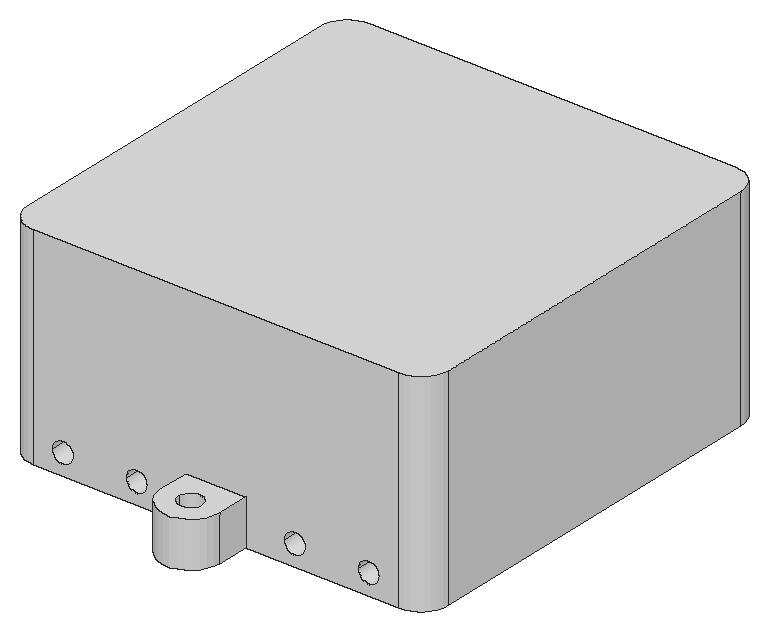
Revit family "LH7009W", category Luminarias, Revit 2019
Family settings
  Cota de conector redondo = Diámetro de uso
  Tipo de pieza = Normal
  Se basa en plano de trabajo = Sí
  Siempre vertical = No
  Corte con vacíos al cargar = No
  Origen de luz = No
  Compartido = Sí
  Punto de cálculo de habitación = No
Parameters (values of type "FUENTE_LH7009W")
  Keynote = ""
  Modelo = "LH7009W"
  Lamp = ""
  Fabricante = "BRILLANT"
  Default Elevation = 1219.2 mm
  Descripción = "FUENTE DE ALIMENTACION CON UNA CAPACIDAD DE 9W, ALIMENTACION ENTRADA 100-277VAC/50-60Hz, SALIDA 6-12VDC, 700mA, TEMPERATURA DE OPERACIÓN: 20-50C, DIMENSIONES DE 40X40X20MM, IP 20."
  Comentarios de vataje = "6-12V//100-277V"
Reference planes
  plane 1 "Centro (Frontal/Posterior)": y = 0
  plane 2: z = 0
  plane 3 "Centro (Izquierda/Derecha)": x = 0
  plane 4: x = -20
  plane 5: x = 20
  plane 6: y = 20
  plane 7: y = -20
  plane 8: z = 20
Forms (mm)
  Extrusion 1, solid, material "acabado blanco"
    sketch origin (0, 0, 0) x (1, 0, 0) y (0, 1, 0)
      loop
        arc (-17.388, 20) -> (-19.235, 19.235) -> (-20, 17.388) r 2.612
        line (-20, 17.388) -> (-20, -17.388)
        arc (-20, -17.388) -> (-19.235, -19.235) -> (-17.388, -20) r 2.612
        line (-17.388, -20) -> (17.388, -20)
        arc (17.388, -20) -> (19.235, -19.235) -> (20, -17.388) r 2.612
        line (20, -17.388) -> (20, 17.388)
        arc (20, 17.388) -> (19.235, 19.235) -> (17.388, 20) r 2.612
        line (17.388, 20) -> (-17.388, 20)
    from 0 to 20
  Extrusion 2, solid, material "acabado blanco"
    sketch origin (0, 0, 0) x (1, 0, 0) y (0, 1, 0)
      loop
        arc (-2.81, -23.025) -> (0, -25.835) -> (2.81, -23.025) r 2.81
        line (2.81, -23.025) -> (2.81, -19.974) -> (-2.81, -19.974) -> (-2.81, -23.025)
      loop
        circle (0, -23.025) r 1.12
    from 0 to 4.338
  Extrusion 3, void
    sketch origin (0, 0, 0) x (1, 0, 0) y (0, 0, 1)
      loop
        circle (-14.544, 2.019) r 0.997
      loop
        circle (-7.529, 2.019) r 0.997
      loop
        circle (14.544, 2.019) r 0.997
      loop
        circle (7.529, 2.019) r 0.997
    from 18.193 to 20
Cuts and joins
  Extrusion 3 cuts Extrusion 1
Dimensions and locks
  equal spacing: plane 4, plane 3 "Centro (Izquierda/Derecha)", plane 5
  plane 4 to plane 3 "Centro (Izquierda/Derecha)" = 20 mm
  plane 4 to plane 5 = 40 mm
  equal spacing: plane 6, plane 1 "Centro (Frontal/Posterior)", plane 7
  plane 8 to level = 20 mm
  plane 1 "Centro (Frontal/Posterior)" to plane 6 = 20 mm
  plane 6 to plane 7 = 40 mm
  plane 5 to plane 4 = 40 mm
  aligned and locked: level to plane 2
  aligned and locked: Extrusion 1 sketch curve to plane 6
  aligned and locked: plane 4 to Extrusion 1 sketch curve
  aligned and locked: Extrusion 1 sketch curve to plane 5
  aligned and locked: plane 8 to Extrusion 1
  aligned and locked: Extrusion 3 to plane 7
Automatic sketch dimensions
  Extrusion 1 sketch curve to plane 7 = 0 mm
  plane 7 to Extrusion 1 sketch curve = 2.612 mm
  Extrusion 1 sketch curve to Extrusion 1 sketch curve = 2.612 mm
  Extrusion 1 sketch curve to plane 5 = 2.612 mm  (x2)
  Extrusion 2 sketch curve to Extrusion 2 sketch curve = 0 mm  (x2)
  Extrusion 2 sketch curve to plane 3 "Centro (Izquierda/Derecha)" = 0 mm
  Extrusion 2 sketch curve to plane 3 "Centro (Izquierda/Derecha)" = 2.81 mm
  Extrusion 2 sketch curve to plane 7 = 3.025 mm
  plane 7 to Extrusion 2 sketch curve = 0.026 mm
  level to Extrusion 3 sketch curve = 2.019 mm  (x4)
  plane 4 to Extrusion 3 sketch curve = 5.456 mm
  Extrusion 3 sketch curve to Extrusion 3 sketch curve = 7.014 mm
  plane 3 "Centro (Izquierda/Derecha)" to Extrusion 3 sketch curve = 7.529 mm
  Extrusion 3 sketch curve to plane 5 = 5.456 mm
  radius of Extrusion 2 sketch curve = 1.12 mm
  radius of Extrusion 3 sketch curve = 0.997 mm  (x4)
Connectors
  electrical at (0, -20, 10)
    settings: on cut or joined group of Extrusion 1, Extrusion 3, index 1, voltage 277 V, apparent load 0 VA, apparent load phase1 0 VA, apparent load phase2 0 VA, apparent load phase3 0 VA, power factor 1, load classification "Otro", number of poles 1, system type 31, power factor state 1, is connector primary yes, connector utility no, sub classification motor no, connector description ""
